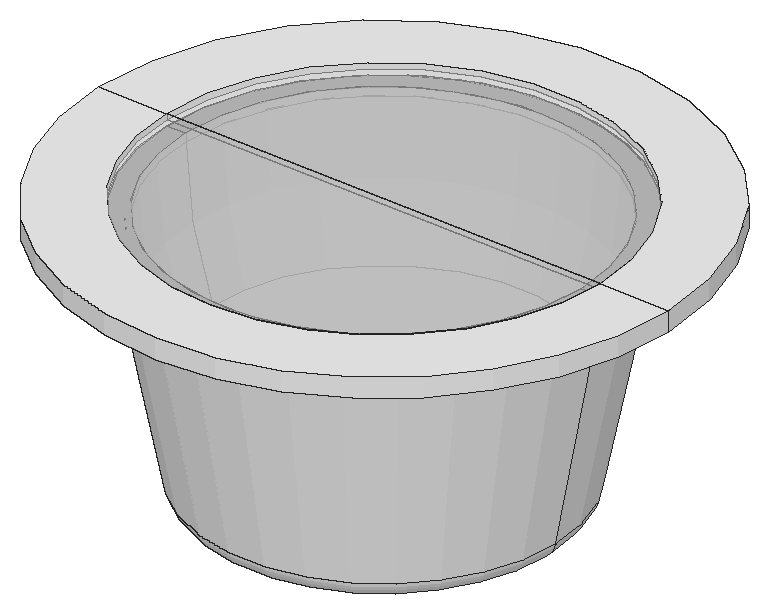
Revit family "2060565+2028034 Sylvania Lighting Fixture ASCENT 100 II ARCH 2700 4K STD 160 with IP44 Clear Glass", category Lighting Fixtures, host Face, Revit 2016
Family settings
  Host = Face
  Part Type = Normal
  Round Connector Dimension = Use Diameter
  OmniClass Number = 23.80.70.11.17
  OmniClass Title = Specialized Lighting by Location or Use
  Cut with Voids When Loaded = No
  Light Source = Yes
  Shared = No
  Room Calculation Point = No
Parameters (values of type "2060565+2028034 ASCT100 II ARCH 2700 4K STD 160 with IP44 Clear Glass")
  WidthBezelAcc_SYL = 25.0 mm
  Weight = "1.2 kg"
  Wattage = 21 W
  WarrantyStartDate [instance] = "n/a"
  WarrantyGuarantorParts = "n/a"
  WarrantyDurationUnit = "n/a"
  WarrantyDurationParts = "n/a"
  WarrantyDescription = "n/a"
  built-in parameter 1150110 = 1 (stored number, unit not read)
  Voltage = 0 V
  VisibilityAccessory_SYL = yes
  TypeName = "ASCENT 100 II ARCH 2700 4K STD 160"
  built-in parameter 1114217 = 1 (stored number, unit not read)
  Tilt Angle = -90°
  built-in parameter 1150109 = 1 (stored number, unit not read)
  built-in parameter 1150134 = 12
  built-in parameter 1150113 = 1 (stored number, unit not read)
  SerialNumber [instance] = "n/a"
  ReflectorRadius_SYL = Radius_SYL - 14.5 mm  # 80.0 mm
  RadiusAcc_SYL = 105.0 mm
  Radius_SYL = 94.5 mm
  URL = "http://www.sylvania-lighting.com"
  PowerFactor = 0
  PowerConsumption = "21 W"
  Photometric Web File = "2060565.ies"
  NominalWidth = 0.0 mm
  NominalLength = 0.0 mm
  NominalHeight = 94.0 mm
  Name = "ASCENT 100 II ARCH 2700 4K STD 160"
  ModelReference = "ASCENT 100 II ARCH 2700 4K STD 160"
  ModelNumber = "2060565+2028034"
  Material_4_SYL = none
  Material_3_SYL = Polycarbonate_Sylvania_Ascent_Clear
  Material_2_SYL = Aluminium_Sylvania_Ascent_Silver
  Material_1_SYL = Aluminum_Sylvania_Ascent_White
  Material = "aluminium housing, arcylic diffuser"
  ManufacturerName = "Feilo Sylvania"
  LuminousEfficacy = "132 lm/W"
  built-in parameter 1150105 = 220.59 (stored number, unit not read)
  Lumens = 2772 lm
  LuminaireType = ""
  built-in parameter 1150115 = 1 (stored number, unit not read)
  LightOutputRatio = "100"
  built-in parameter 1150137 = (empty or 0)
  built-in parameter 1150139 = (empty or 0)
  LampsType = Lamp  # "LED"
  LampNominalLuminous = "2767 lm"
  LampMacAdamStep = "3"
  LampColourTemperature = "4000 K"
  LampColourRenderingIndex = "80"
  built-in parameter 1150112 = 1 (stored number, unit not read)
  built-in parameter 1150114 = 1 (stored number, unit not read)
  Keynote = "16500"
  InstallationDate [instance] = "n/a"
  InputVoltage = "n/a"
  InputNominalFrequency = "n/a"
  built-in parameter 1150132 = (empty or 0)
  built-in parameter 1150102 = (empty or 0)
  built-in parameter 1150107 = 4000 (stored number, unit not read)
  built-in parameter 1150138 = (empty or 0)
  IngressProtection = "IP44"
  ImpactProtectionIndex = "IK02"
  built-in parameter 1150106 = 2.2059 (stored number, unit not read)
  IfcExportType = "IfcLightFixtureType"
  IfcExportAs = "IfcLightFixtureType"
  Height_SYL = 94.0 mm
  HeightAcc_SYL = 7.0 mm
  ExpectedLife = 50000
  EmittionSurface_SYL = if(VisibilityAccessory_SYL, 7.0 mm, 3.0 mm)  # 7.0 mm
  Emit from Circle Diameter = DiffuserRadius_SYL * 2  # 146.0 mm
  Emit Shape Visible in Rendering = no
  ElectricShockClassification = "Class II"
  built-in parameter 1150104 = 12.263 (stored number, unit not read)
  DurationUnit = "hours"
  DocumentationLiterature = "http://www.sylvania-lighting.com/product/en-int/products/2060565"
  DimmingControlOptions = "n/a"
  Dimming Lamp Color Temperature Shift = <None>
  DiffuserRadius_SYL = ReflectorRadius_SYL - 7.0 mm  # 73.0 mm
  Diameter_SYL = 2 * Radius_SYL  # 189.0 mm
  CutoutDiameter_SYL = Diameter_SYL - 13.0 mm  # 176.0 mm
  CreatedOn = "9/17/2018"
  CreatedBy = "@sylvania-lighting.com"
  Color Filter = 16777215
  built-in parameter 1114216 [instance] = 1 (stored number, unit not read)
  Model = "ASCENT 100 II ARCH 2700 4K STD 160"
  Manufacturer = "Feilo Sylvania"
  Lamp = "LED"
  Description = "Direct LED retro fit for original LED 100 Arch (160) single CFL lamp offering Matching lumen levels and improved light distribution of original LED 100 CFL lamp equivalents Typically half the power consumption compared to CFL Up to 112lm/W 160mm aperture Architectural reflector accepts range of glass accessories from existing LED 100 Arch 160 offering HE, HO and VHO versions equivalent of single 1 x 18W, 1 x 32W, 1 x 42W\r\n Additional VVHO versions which offer the performance circa 2 x 32W equivalent"  # constant formula
  Default Elevation = 0.0 mm
  built-in parameter 1140040 [instance] = 1
  BarCode [instance] = "n/a"
  built-in parameter 1114218 = 1 (stored number, unit not read)
  built-in parameter 1150133 = 10 (stored number, unit not read)
  AssetType = "Fixed"
  AssetIdentifier [instance] = "n/a"
  Assembly Code = "D5020200"
  Apparent Load = 21 VA
  Aperture_SYL = 2 * ReflectorRadius_SYL  # 160.0 mm
Reference planes
  plane 1 "Center (Front/Back)": y = 0
  plane 2: z = 0
  plane 3 "Center (Left/Right)": x = 0
  plane 4 "Fixture Bottom": z = 3
  plane 5: z = -52.5
  plane 6 "Fixture Top": z = -91
  plane 7: x = -105
  plane 8: z = 7
  plane 9: x = -80
  plane 10: z = 5
  plane 11: x = -103
Forms (mm)
  Extrusion 1, solid, material "Aluminum_Sylvania_Ascent_White", detail levels fine
    sketch origin (0, 0, 0) x (1, 0, 0) y (0, 1, 0)
      loop
        circle (0, 0) r 94.5
      loop
        circle (0, 0) r 80
    from 0 to 3
  Extrusion 2, void
    sketch origin (0, 0, 0) x (1, 0, 0) y (0, 1, 0)
      loop
        circle (0, 0) r 88
    from -91 to 3
  Revolve 3, solid, material "Aluminum_Sylvania_Ascent_White" <- "Material_1_SYL", detail levels fine
    sketch origin (0, 0, 0) x (1, 0, 0) y (0, 0, 1)
      loop
        line (0, -91.073) -> (0, -89.023) -> (-55.468, -89.014)
        arc (-55.468, -89.014) -> (-59.352, -87.613) -> (-61.54, -84.139) r 6.307
        line (-61.54, -84.139) -> (-77.991, -2.844) -> (-77.991, 0) -> (-80, 0) -> (-80, -3) -> (-63.5, -84.536)
        arc (-63.5, -84.536) -> (-60.643, -89.203) -> (-55.5, -91.073) r 8.291
        line (-55.5, -91.073) -> (0, -91.073)
      axis (0, 0) -> (0, -91.073)
    angle from 0 to 360
  Revolve 4, solid, material "Aluminium_Sylvania_Ascent_Silver" <- "Material_2_SYL", detail levels fine
    sketch origin (0, 0, 0) x (1, 0, 0) y (0, 0, 1)
      loop
        line (-80, 3) -> (-80, 0) -> (-75, 0)
        arc (-75, 0) -> (-72.349, -26.77) -> (-64.5, -52.5) r 136.5
        line (-64.5, -52.5) -> (-58, -52.5)
        arc (-58, -52.5) -> (-56.857, -61.521) -> (-53.5, -69.971) r 36.166
        line (-53.5, -69.971) -> (0, -69.971) -> (0, -50.5) -> (-63.16, -50.5)
        arc (-63.16, -50.5) -> (-70.517, -25.725) -> (-73, 0) r 134.5
        line (-73, 0) -> (-73, 3) -> (-80, 3)
      axis (0, 3) -> (0, -69.971)
    angle from 0 to 360
  Extrusion 5, solid, material "Polycarbonate_Sylvania_Ascent_Clear" <- "Material_3_SYL", detail levels fine
    sketch origin (0, 0, 0) x (1, 0, 0) y (0, 1, 0)
      loop
        circle (0, 0) r 73
    from 0 to 3
  Revolve 6, solid, material "Aluminum_Sylvania_Ascent_White" <- "Material_1_SYL", detail levels coarse+medium
    sketch origin (0, 0, 0) x (1, 0, 0) y (0, 0, 1)
      loop
        line (0, -91.073) -> (0, 3) -> (-94.5, 3) -> (-94.5, 0) -> (-79.5, 0) -> (-79.5, -3) -> (-63, -84.536)
        arc (-63, -84.536) -> (-60.143, -89.203) -> (-55, -91.073) r 8.291
        line (-55, -91.073) -> (0, -91.073)
      axis (0, 3) -> (0, -91.073)
    angle from 0 to 360
  Revolve 7, solid, material "Aluminum_Sylvania_Ascent_White" <- "Material_1_SYL", visible <- "VisibilityAccessory_SYL"
    sketch origin (0, 0, 0) x (1, 0, 0) y (0, 0, 1)
      loop
        line (-105, 0) -> (-103, 0) -> (-103, 5) -> (-80, 5) -> (-80, 7) -> (-105, 7) -> (-105, 0)
      axis (0, 7) -> (0, 0)
    angle from 0 to 360
  Revolve 8, solid, material "Polycarbonate_Sylvania_Ascent_Clear" <- "Material_3_SYL", visible <- "VisibilityAccessory_SYL"
    sketch origin (0, 0, 0) x (1, 0, 0) y (0, 0, 1)
      loop
        line (-80, 7) -> (-80, 5) -> (0, 5) -> (0, 7) -> (-80, 7)
      axis (0, 7) -> (0, 5)
    angle from 0 to 360
Lines and regions (mm)
  reference lines
    curve 1: line (-150, 0, 7) -> (125, 0, 7)
Dimensions and locks
  locked: plane 4 "Fixture Bottom" to plane 2 at 3
  "Height_SYL": plane 4 "Fixture Bottom" to plane 6 "Fixture Top"
  "ReflectorRadius_SYL": plane 3 "Center (Left/Right)" to Revolve 4 sketch curve
  locked: Revolve 4 sketch curve to Revolve 4 sketch curve at 15.5
  locked: Revolve 4 sketch curve to Revolve 4 sketch curve at 5
  locked: Revolve 4 sketch curve to Revolve 4 sketch curve at 7
  locked: Revolve 4 sketch curve to Revolve 4 sketch curve at 22
  locked: Revolve 4 sketch curve to Revolve 4 sketch curve at 26.5
  locked: Revolve 3 sketch curve to Revolve 3 sketch curve at 16.5
  locked: Revolve 3 sketch curve to Revolve 3 sketch curve at 24.5
  "ReflectorRadius_SYL": Revolve 3 sketch curve to plane 3 "Center (Left/Right)"
  locked: Revolve 3 sketch curve to plane 6 "Fixture Top" at 6.464
  locked: plane 2 to Revolve 3 sketch curve at 3
  locked: Revolve 3 sketch curve to Revolve 3 sketch curve at 2
  locked: Revolve 3 sketch curve to Revolve 3 sketch curve at 2.009
  locked: plane 2 to plane 5 at 52.5
  locked: Revolve 6 sketch curve to Revolve 6 sketch curve at 31.5
  locked: Revolve 6 sketch curve to Revolve 6 sketch curve at 39.5
  locked: Revolve 6 sketch curve to Revolve 6 sketch curve at 15
  "Radius_SYL": plane 3 "Center (Left/Right)" to Revolve 6 sketch curve
  "RadiusAcc_SYL": plane 3 "Center (Left/Right)" to plane 7
  "HeightAcc_SYL": plane 8 to level
  "WidthBezelAcc_SYL": plane 7 to plane 9
  locked: plane 7 to plane 11 at 2
  locked: plane 8 to plane 10 at 2
  "EmittionSurface_SYL": curve 1 to level
  "CutoutDiameter_SYL": diameter of Extrusion 2 sketch curve
  "ReflectorRadius_SYL": radius of Extrusion 1 sketch curve
  "DiffuserRadius_SYL": radius of Extrusion 5 sketch curve
  "Radius_SYL": radius of Extrusion 1 sketch curve
  aligned and locked: host face to plane 2
  aligned and locked: host face to level
  aligned and locked: plane 4 "Fixture Bottom" to Extrusion 1
  aligned and locked: Extrusion 1 to plane 2
  aligned and locked: Revolve 3 sketch curve to plane 3 "Center (Left/Right)"
  aligned and locked: Revolve 4 sketch curve to plane 3 "Center (Left/Right)"  (x2)
  aligned and locked: plane 4 "Fixture Bottom" to Revolve 4 sketch curve
  aligned and locked: Extrusion 5 to plane 2
  aligned and locked: plane 2 to Revolve 3 sketch curve  (x2)
  aligned and locked: Revolve 6 sketch curve to plane 3 "Center (Left/Right)"
  aligned and locked: plane 6 "Fixture Top" to Extrusion 2
  aligned and locked: Revolve 7 sketch curve to plane 3 "Center (Left/Right)"
  aligned and locked: host face to Revolve 7 sketch curve  (x2)
  aligned and locked: Revolve 7 sketch curve to plane 7
  aligned and locked: plane 8 to Revolve 7 sketch curve
  aligned and locked: plane 9 to Revolve 7 sketch curve
  aligned and locked: Revolve 7 sketch curve to plane 10
  aligned and locked: plane 11 to Revolve 7 sketch curve
  aligned and locked: Revolve 7 to Revolve 8 sketch curve
  aligned and locked: Revolve 8 sketch curve to Revolve 7  (x2)
  aligned and locked: Revolve 8 sketch curve to plane 3 "Center (Left/Right)"  (x2)
  aligned and locked: plane 3 "Center (Left/Right)" to imposter light
  aligned and locked: imposter light to plane 1 "Center (Front/Back)"
  aligned and locked: imposter light to curve 1
Automatic sketch dimensions
  plane 1 "Center (Front/Back)" to Extrusion 2 sketch curve = 0.0 mm
  Extrusion 2 sketch curve to plane 3 "Center (Left/Right)" = 0.0 mm
  Extrusion 1 sketch curve to Extrusion 1 sketch curve = 0.0 mm  (x2)
  plane 1 "Center (Front/Back)" to Extrusion 1 sketch curve = 0.0 mm
  Extrusion 1 sketch curve to plane 3 "Center (Left/Right)" = 0.0 mm
  plane 6 "Fixture Top" to Revolve 3 sketch curve = 0.073 mm
  Revolve 3 sketch curve to plane 6 "Fixture Top" = 6.861 mm
  Revolve 3 sketch curve to Revolve 3 sketch curve = 0.003 mm
  Revolve 3 sketch curve to Revolve 3 sketch curve = 0.009 mm  (x2)
  Revolve 3 sketch curve to Revolve 3 sketch curve = 0.023 mm
  Revolve 3 sketch curve to Revolve 3 sketch curve = 0.072 mm
  Revolve 3 sketch curve to Revolve 3 sketch curve = 0.008 mm
  Revolve 3 sketch curve to plane 6 "Fixture Top" = 1.977 mm
  Revolve 3 sketch curve to Revolve 3 sketch curve = 33.496 mm
  Revolve 3 sketch curve to Revolve 3 sketch curve = 0.028 mm
  plane 4 "Fixture Bottom" to Revolve 3 sketch curve = 82.431 mm
  Revolve 4 sketch curve to Revolve 4 sketch curve = 0.0 mm  (x2)
  Revolve 4 sketch curve to plane 5 = 0.0 mm
  Revolve 4 sketch curve to level = 0.0 mm
  plane 5 to Revolve 4 sketch curve = 2.0 mm
  plane 4 "Fixture Bottom" to Revolve 4 sketch curve = 9.642 mm
  plane 1 "Center (Front/Back)" to Extrusion 5 sketch curve = 0.0 mm
  Extrusion 5 sketch curve to plane 3 "Center (Left/Right)" = 0.0 mm
  Revolve 4 sketch curve to level = 69.971 mm
  Revolve 4 sketch curve to Revolve 4 sketch curve = 2.387 mm
  Revolve 6 sketch curve to level = 0.0 mm
  Revolve 6 sketch curve to plane 3 "Center (Left/Right)" = 0.0 mm
  Revolve 6 sketch curve to Revolve 6 sketch curve = 8.104 mm
  Revolve 6 sketch curve to level = 3.0 mm
  Revolve 6 sketch curve to plane 6 "Fixture Top" = 6.464 mm
  plane 6 "Fixture Top" to Revolve 6 sketch curve = 0.073 mm
  Revolve 6 sketch curve to Revolve 6 sketch curve = 33.496 mm
  plane 4 "Fixture Bottom" to Revolve 6 sketch curve = 82.431 mm
  host sketch curve to host sketch curve = 1704.996 mm
  host sketch curve to host sketch curve = 1500.0 mm
  plane 6 "Fixture Top" to Revolve 7 sketch curve = 281.274 mm
  Revolve 7 sketch curve to plane 8 = 1140.706 mm
  plane 6 "Fixture Top" to Revolve 8 sketch curve = 281.274 mm
  Revolve 8 sketch curve to Revolve 8 sketch curve = 1140.706 mm
  Revolve 3 sketch curve to plane 3 "Center (Left/Right)" = 0.0 mm
  Revolve 6 sketch curve to plane 4 "Fixture Bottom" = 0.0 mm
  plane 7 to curve 1 = 45.0 mm
  plane 3 "Center (Left/Right)" to curve 1 = 125.0 mm
Connectors
  electrical at (0, 0, -91.073), driven by "Apparent Load"
    settings: on Revolve 3, index 1, voltage 240 V, apparent load 0 VA, apparent load phase1 21 VA, apparent load phase2 0 VA, apparent load phase3 0 VA, power factor 1, load classification "Lighting", number of poles 1, system type 31, power factor state 1, is connector primary yes, connector utility no, sub classification motor no, connector description ""
